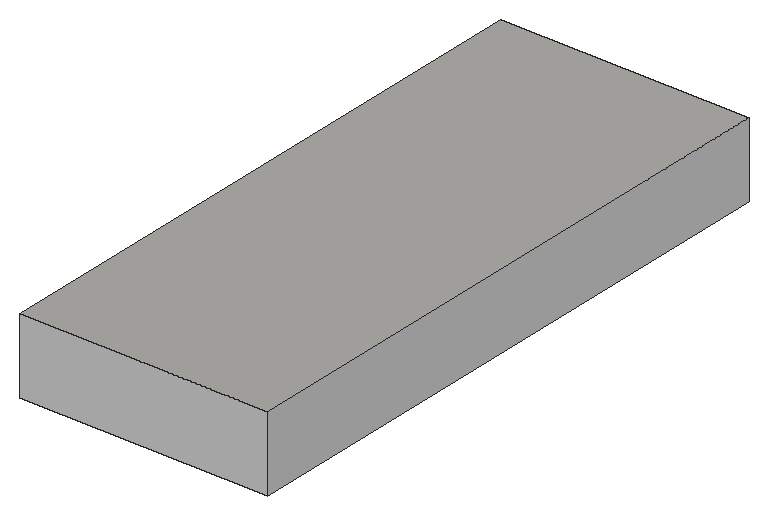
Revit family "BA-12", category Устройства связи, Revit 2016
Family settings
  Сохранять ориентацию аннотаций = Нет
  Тип детали = Нормальный
  Размер круглого соединителя = Использовать диаметр
  На основе рабочей плоскости = Да
  Всегда вертикально = Нет
  При загрузке вырезать с полостями = Нет
  Общий = Да
  Точка расчета площади = Нет
Parameters (values of type "BA-12")
  Цветовое решение = "Серебристо-серый"
  Угол обзора = "По горизонтали 80°, по вертикали 64°"  # constant formula
  Тип установки = "Врезная, накладная с BR-AA"  # constant formula
  Тип панели = "Многоквартирная"  # constant formula
  Тип клавиатуры = "Механические кнопки с подсветкой"  # constant formula
  Температурный режим = "-40 ... +65 °С"  # constant formula
  Режим разговора = "Двухсторонний"  # constant formula
  Разрешение камеры = "1.0 Мп"  # constant formula
  Размер самой панели = "375х155х47 мм"  # constant formula
  Размер под установку = "355х140х53 мм"  # constant formula
  Потребление питания = "6,5 Вт, в режиме ожидания – 2,5 Вт"  # constant formula
  Питание = "PoE и + 12 В"  # constant formula
  Default Elevation = 0 mm
  Открытие замка = " С монитора, по карте, из приложений BAS-IP Intercom и BAS-IP Mobile ID"  # constant formula
  Описание = "Многоабонентская вызывная панель BAS-IP BA-12 - это прекрасный выбор для тех, кто задумался об установке вызывной панели в небольшом офисном центре до 12 офисов, многоквартирном доме, таунхаусе или же дуплексе."  # constant formula
  Ночная подсветка = "6 светодиодов"  # constant formula
  Минимальная освещенность = "0,01 LuX"  # constant formula
  Материал корпуса = Серебро
  Корпус = "Металлический"  # constant formula
  Контроль доступа = "Считыватель беcконтактных карт EM-Marin (BA-04E), Mifare (BA-04M)"  # constant formula
  Количество мелодий вызова = "4 полифонические мелодии"  # constant formula
  Кнопки быстрого вызова = "Кнопка вызова консьержа"  # constant formula
  Класс степени защиты = "IP65"  # constant formula
  Камера = "1/4”, регулировка направления камеры"  # constant formula
  Интерфейс = "Мультиязычный WEB-интерфейс"  # constant formula
  Интеграция со СКУД = "Выход WIEGAND-26"  # constant formula
  Изображение типоразмера = <Нет>
  Изображение = SHV_Изображение_BA-12
  Изготовитель = "BAS-IP"  # constant formula
  Дополнительно = "SIP P2P, Встроенное реле"  # constant formula
  Дисплей = "Нет"  # constant formula
  Группа модели = "Вызывная панель"  # constant formula
  Выходное видео = "HD (1280х720), H.264 Main Profile, Baseline Profile"  # constant formula
  Аутентификация = "Отдельный пароль на настройки, WEB–интерфейс"  # constant formula
  URL = "https://www.bas-ip.ru"
  Email = "support@bimlib.ru"  # constant formula
  BIM library = "https://bimlib.ru/manufacturer/"  # constant formula
  ADSK_Размер_Ширина = 375 mm  # constant formula
  ADSK_Размер_Толщина = 47 mm  # constant formula
  ADSK_Размер_Длина = 155 mm  # constant formula
  ADSK_Примечание = ""
  ADSK_Полная мощность = ADSK_Номинальная мощность / ADSK_Коэффициент мощности  # 7.22222 VA
  ADSK_Позиция = ""
  ADSK_Обозначение = ""
  ADSK_Номинальная мощность = 6.5 W  # constant formula
  ADSK_Напряжение = 12 V  # constant formula
  ADSK_Наименование краткое = ADSK_Марка  # "BA-12"
  ADSK_Наименование = "ВЫЗЫВНАЯ ПАНЕЛЬ BA-12"
  ADSK_Масса_Текст = ""
  ADSK_Марка = "BA-12"
  ADSK_Коэффициент мощности = 0.9  # constant formula
  ADSK_Количество фаз = 1
  ADSK_Код изделия = ""
  ADSK_Классификация нагрузок = Вызывная панель
  ADSK_Зона = ""
  ADSK_Завод-изготовитель = Изготовитель  # "BAS-IP"
  ADSK_Единица измерения = "шт"  # constant formula
  ADSK_Версия Revit = "Revit 2016"  # constant formula
  ADSK_URL страницы изделия = "https://www.bas-ip.ru/catalog/panels/bas-ip-ba-12/"
  ADSK_URL документации изделия = "https://wiki.bas-ip.com/display/BA12v4/BA-12"
Reference planes
  plane 1 "По центру (Вперед/Назад)": y = 0
  plane 2: z = 0
  plane 3 "По центру (Влево/Вправо)": x = 0
  plane 4: x = -77.5
  plane 5: y = 187.5
  plane 6: x = 77.5
  plane 7: y = -187.5
  plane 8: z = 3
  plane 9 "Плоскость для коннекторов": z = -44
Forms (mm)
  Extrusion 1, solid, material "Серебро" <- "Материал корпуса", detail levels medium+fine
    sketch origin (0, 0, 0) x (1, 0, 0) y (0, 1, 0)
      loop
        line (-77.5, 187.5) -> (-77.5, -187.5) -> (77.5, -187.5) -> (77.5, 187.5) -> (-77.5, 187.5)
    from -44 to 3
Lines and regions (mm)
  model lines, detail levels coarse
    curve 1: line (-77.5, 187.5, 0) -> (77.5, 187.5, 0)
    curve 2: line (-77.5, -187.5, 0) -> (-77.5, 187.5, 0)
    curve 3: line (77.5, -187.5, 0) -> (-77.5, -187.5, 0)
    curve 4: line (77.5, 187.5, 0) -> (77.5, -187.5, 0)
Dimensions and locks
  equal spacing: plane 4, plane 3 "По центру (Влево/Вправо)", plane 6
  "ADSK_Размер_Длина": plane 4 to plane 6
  "ADSK_Размер_Ширина": plane 5 to plane 7
  equal spacing: plane 5, plane 1 "По центру (Вперед/Назад)", plane 7
  plane 8 to plane 2 = 3 mm
  plane 3 "По центру (Влево/Вправо)" to Extrusion 1 = 77.5 mm
  "ADSK_Размер_Толщина": plane 8 to plane 9 "Плоскость для коннекторов"
  aligned and locked: level to plane 2
  aligned and locked: Extrusion 1 sketch curve to plane 4
  aligned and locked: Extrusion 1 sketch curve to plane 5
  aligned and locked: Extrusion 1 sketch curve to plane 6
  aligned and locked: Extrusion 1 sketch curve to plane 7
  aligned and locked: curve 1 to Extrusion 1
  aligned and locked: curve 2 to Extrusion 1
  aligned and locked: curve 3 to Extrusion 1
  aligned and locked: curve 4 to Extrusion 1
  aligned and locked: plane 8 to Extrusion 1
  aligned and locked: Extrusion 1 to plane 9 "Плоскость для коннекторов"
Connectors
  electrical at (0, -49.5, -44)
    settings: on plane 9 "Плоскость для коннекторов", index 4, voltage 0 V, apparent load 0 VA, apparent load phase1 0 VA, apparent load phase2 0 VA, apparent load phase3 0 VA, power factor 1, load classification "Прочее", number of poles 1, system type 13, power factor state 1, is connector primary yes, connector utility no, sub classification motor no, connector description "Магнитный замок"
  electrical at (-19.5, -49.5, -44)
    settings: on plane 9 "Плоскость для коннекторов", index 5, voltage 0 V, apparent load 0 VA, apparent load phase1 0 VA, apparent load phase2 0 VA, apparent load phase3 0 VA, power factor 1, load classification "Прочее", number of poles 1, system type 5, power factor state 1, is connector primary no, connector utility no, sub classification motor no, connector description "RJ-45 Ethernet UTP Cat5e"
  electrical at (19.5, -49.5, -44), driven by "ADSK_Количество фаз", driven by "ADSK_Классификация нагрузок", driven by "ADSK_Напряжение", driven by "ADSK_Полная мощность", driven by "ADSK_Коэффициент мощности"
    settings: on plane 9 "Плоскость для коннекторов", index 6, voltage 12 V, apparent load 7.22222 VA, apparent load phase1 0 VA, apparent load phase2 0 VA, apparent load phase3 0 VA, power factor 0.9, load classification "Вызывная панель", number of poles 1, system type 30, power factor state 1, is connector primary no, connector utility no, sub classification motor no, connector description ""
